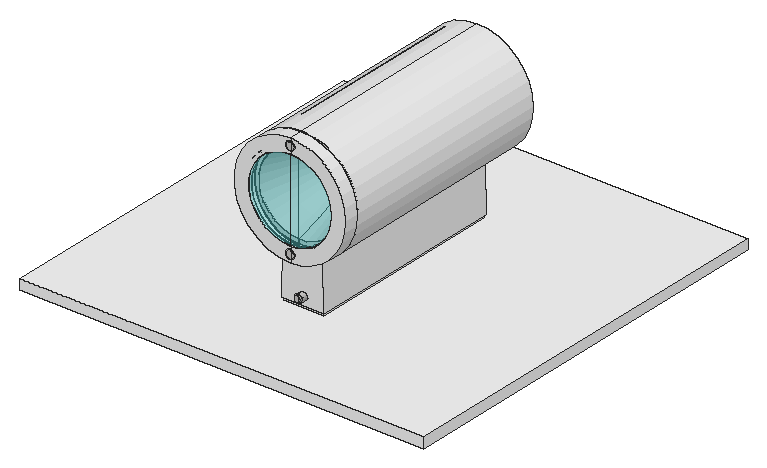
Revit family "BE_24034_de_DE", category Leuchten, Revit 2015
Parameters (values of type "BEGA_24034_Weiß_K4")
  built-in parameter 1150104 = 14.279 (stored number, unit not read)
  Wattage = 12.1 W
  Default Elevation = 0 mm
  built-in parameter 1150113 = 1 (stored number, unit not read)
  built-in parameter 1114218 = 1 (stored number, unit not read)
  Umgebungstemperatur = "25 °C"
  URL = "http://www.bega.de/produkt/24034"
  Typenkommentare = "© 2017 BEGA. Wir behalten uns das Recht vor, technische Änderungen ohne vorherige Ankündigung vorzunehmen."  # constant formula
  Type Image = 24034.png
  built-in parameter 1150134 = 12
  built-in parameter 1150109 = 1 (stored number, unit not read)
  Strom = ""
  built-in parameter 1150110 = 1 (stored number, unit not read)
  Spannung = 239.996 V
  Sonderanfertigung = no
  Seriennummer [instance] = "Hier können Sie die eindeutige Seriennummer für das Facility Management eintragen."
  Schutzklasse = "I"
  Schutzart = "IP 65"
  Scheinlast = 0 VA
  Produktdatenblatt = "http://www.bega.de/download/Xrfa/db/24034.db.de.pdf"
  Oberflächentemperatur = ""
  Neigungswinkel = 0.00°
  Modell = "24034WK4"
  Material_17 = BEGA_Reflektor
  Material_15 = BEGA_Leuchtmedium_matt
  Material_11 = BEGA_Glas_opal
  Material_09 = BEGA_Glas_klar
  Material_06 = BEGA_Oberfläche_Edelstahl_gebürstet
  Material_03 = BEGA_Oberfläche_Weiss_matt
  Material_02 = BEGA_Oberfläche_Silber_matt
  Material_01 [instance] = BEGA_Oberfläche_Grafit_matt
  M_W = yes
  M_G = no
  M_A = no
  Logo = 0
  built-in parameter 1114217 = 1 (stored number, unit not read)
  built-in parameter 1150139 = (empty or 0)
  built-in parameter 1150105 = 148 (stored number, unit not read)
  built-in parameter 1150114 = 1 (stored number, unit not read)
  Lumens = 1859.77 lm
  built-in parameter 1150115 = 1 (stored number, unit not read)
  Leuchtenlichtstrom = "1272 lm"
  Leuchtenanzahl = ""
  Lebensdauerkriterien = "L70B50 @ 25 °C =  h"
  Lastklassifizierung = Beleuchtung
  built-in parameter 1150112 = 1 (stored number, unit not read)
  Lampenlichtstrom = "1860 lm"
  Lampe = "LED 12.1 W"
  LED_Modulbezeichnung = "LED-0813/840"
  Hersteller = "BEGA"  # constant formula
  Halbstreuwinkel = ""
  Gewicht = "1.95 kg"
  Gebrauchslageneinschränkung [instance] = ""
  Frequenz = "0/50-60 Hz"
  Farbwiedergabeindex = "Ra > 80"
  Farbtemperaturverschiebung bei Dämpfen der Lampe = <Keine Auswahl>
  Farbtemperatur = "4000 K"
  Color Filter = 16777215
  built-in parameter 1150133 = 10 (stored number, unit not read)
  Energieeffizienzklasse = "LED A++ - A"
  built-in parameter 1150137 = (empty or 0)
  built-in parameter 1150132 = (empty or 0)
  ENEC = ""
  Dimmbar [instance] = "DALI"
  Datei für fotometrisches Netz = "BE_24034K4_PRE.IES"
  CE_Konformität = "ja"
  Bestellnummer = "24034WK4"
  Beschreibung_Sonderanfertigung = "Hier können Sie Informationen zur Sonderanfertigung eintragen."
  Beschreibung = "Wandleuchte"
  built-in parameter 1150106 = 1.48 (stored number, unit not read)
  Befestigungsbohrung = "Ø 5,3 mm"
  Befestigungsabstand = "160 x 14 mm"
  Ballwurfsicher = ""
  BEGA_Intern_aus = yes
  BEGA_Intern_an = yes
  BEGA_Intern_Konstruktion = yes
  BEGA_Intern = yes
  BEGA_IES = yes
  BEGA_Dummy = no
  Anschlussleitung = ""
  Anschlussleistung [instance] = "14 W"
  Anschlusskasten = ""
  built-in parameter 1150107 = 4000 (stored number, unit not read)
  built-in parameter 1150102 = (empty or 0)
  built-in parameter 1150138 = (empty or 0)
  Aktualisierung = "2017-06-27T04:08:34"
  Abstand_zur_angestrahlten_Fläche [instance] = ""
  AC/DC = "AC/DC"
Types (6, lengths in mm): name | built-in parameter 1150104 | built-in parameter 1150134 | Modell | M_W | M_G | M_A | built-in parameter 1150105 | Lumens | Leuchtenlichtstrom | Lampenlichtstrom | LED_Modulbezeichnung | Farbtemperatur | Datei für fotometrisches Netz | Bestellnummer | built-in parameter 1150106 | built-in parameter 1150107
  BEGA_24034_Grafit_K3 | 13.359 (stored number, unit not read) | (empty or 0) | "24034" | no | yes | no | 138.46 (stored number, unit not read) | 1739.98 lm | "1190 lm" | "1740 lm" | "LED-0813/830" | "3000 K" | "BE_24034_PRE.IES" | "24034" | 1.3846 (stored number, unit not read) | 3000 (stored number, unit not read)
  BEGA_24034_Weiß_K3 | 13.359 (stored number, unit not read) | (empty or 0) | "24034W" | yes | no | no | 138.46 (stored number, unit not read) | 1739.98 lm | "1190 lm" | "1740 lm" | "LED-0813/830" | "3000 K" | "BE_24034_PRE.IES" | "24034W" | 1.3846 (stored number, unit not read) | 3000 (stored number, unit not read)
  BEGA_24034_Grafit_K4 | 14.279 (stored number, unit not read) | 12 | "24034K4" | no | yes | no | 148 (stored number, unit not read) | 1859.77 lm | "1272 lm" | "1860 lm" | "LED-0813/840" | "4000 K" | "BE_24034K4_PRE.IES" | "24034K4" | 1.48 (stored number, unit not read) | 4000 (stored number, unit not read)
  BEGA_24034_Silber_K4 | 14.279 (stored number, unit not read) | 12 | "24034AK4" | no | no | yes | 148 (stored number, unit not read) | 1859.77 lm | "1272 lm" | "1860 lm" | "LED-0813/840" | "4000 K" | "BE_24034K4_PRE.IES" | "24034AK4" | 1.48 (stored number, unit not read) | 4000 (stored number, unit not read)
  BEGA_24034_Weiß_K4 | 14.279 (stored number, unit not read) | 12 | "24034WK4" | yes | no | no | 148 (stored number, unit not read) | 1859.77 lm | "1272 lm" | "1860 lm" | "LED-0813/840" | "4000 K" | "BE_24034K4_PRE.IES" | "24034WK4" | 1.48 (stored number, unit not read) | 4000 (stored number, unit not read)
  BEGA_24034_Silber_K3 | 13.359 (stored number, unit not read) | (empty or 0) | "24034A" | no | no | yes | 138.46 (stored number, unit not read) | 1739.98 lm | "1190 lm" | "1740 lm" | "LED-0813/830" | "3000 K" | "BE_24034_PRE.IES" | "24034A" | 1.3846 (stored number, unit not read) | 3000 (stored number, unit not read)
Reference planes
  plane 1 "Mitte (Vorne/Hinten)": y = 0
  plane 2: z = 0
  plane 3 "Mitte (Links/Rechts)": x = 0
  plane 4 "Links": x = -55.254
  plane 5 "Rechts": x = 55.254
  plane 6 "Unten": y = -115.5
  plane 7 "Oben": y = 115.5
  plane 8 "Vorne": z = 157.75
  plane 9 "Hinten": z = 0
Forms (mm)
  Extrusion 1, solid, material "BEGA_Platte_Weiss"
    sketch origin (0, -1119.2, 0) x (1, 0, 0) y (0, 1, 0)
      loop
        line (-200, 1319.2) -> (-200, 919.2) -> (200, 919.2) -> (200, 1319.2) -> (-200, 1319.2)
    from 0 to -10
  Extrusion 2, solid, material "BEGA_Dummy_matt", visible <- "BEGA_Dummy"
    sketch origin (80.095, -76.023, 0) x (1, 0, 0) y (0, 1, 0)
      loop
        line (-135.35, 191.523) -> (-135.35, -39.477) -> (-24.841, -39.477) -> (-24.841, 191.523) -> (-135.35, 191.523)
    from 0 to 157.75
Dimensions and locks
  plane 1 "Mitte (Vorne/Hinten)" to Extrusion 1 = 200 mm
  aligned and locked: plane 2 to Extrusion 1
  aligned and locked: level to Extrusion 1
Nested families
  nested 1: "BE_24034" at (0, 0, 0) x (0, 1, 0) z (0, 0, 1), type "BE_24034"
Connectors
  electrical at (0, 0, 0), driven by "Lastklassifizierung", driven by "Spannung", driven by "Scheinlast"
    settings: index 1, voltage 239.996 V, apparent load 0 VA, apparent load phase1 0 VA, apparent load phase2 0 VA, apparent load phase3 0 VA, power factor 1, load classification "Beleuchtung", number of poles 1, system type 31, power factor state 1, is connector primary yes, connector utility no, sub classification motor no, connector description ""
Definition of nested family "BE_24034"
  Parameters (values of type "BE_24034")
    Default Elevation = 1 mm
    URL = "http://www.bega.de/de/produkt"
    Type Comments = "© 2015 BEGA. Wir behalten uns das Recht vor, technische Änderungen ohne vorherige Ankündigung vorzunehmen. "  # constant formula
    Type Image = (empty or 0)
    Material_17 = none
    Material_15 = none
    Material_11 = none
    Material_09 = none
    Material_06 = none
    Material_03 = none
    Material_02 = none
    Material_01 = none
    M_W = yes
    M_G = yes
    M_A = yes
    Länge_Platte = 300 mm  # constant formula
    Höhe_Platte = -10 mm  # constant formula
    Manufacturer = "BEGA"  # constant formula
    Breite_Platte = 200 mm  # constant formula
  Reference planes
    plane 1 "Mitte (Oben/Unten)": y = 0
    plane 2: z = 0
    plane 3 "Mitte (Links/Rechts)": x = 0
    plane 4 "Unten": y = -55.254
    plane 5: x = -115.5
    plane 6: x = 115.5
    plane 7: z = 157.75
    plane 8: y = 55.254
  Forms (mm)
    Extrusion 1, solid, detail levels medium
      sketch origin (0, 0, 0) x (1, 0, 0) y (0, 1, 0)
        loop
          line (-150, 100) -> (-150, -100) -> (150, -100) -> (150, 100) -> (-150, 100)
      from 0 to -10 <- "Höhe_Platte"
    Extrusion 2, solid, material <- "Material_01", visible <- "M_G", detail levels medium+fine
      sketch origin (0, 0, 0) x (0, 1, 0) y (0, 0, 1)
        loop
          line (-20, 48.5) -> (-20.803, 2.5) -> (-13.08, 2.5) -> (-13.221, 47.282)
          arc (-13.221, 47.282) -> (-15.2, 48.652) -> (-17.039, 50.206) r 25
          arc (-17.039, 50.206) -> (-17.509, 50.362) -> (-17.979, 50.521) r 55
          line (-17.979, 50.521) -> (-20, 48.5)
        loop
          line (20, 48.5) -> (17.979, 50.521)
          arc (17.979, 50.521) -> (17.509, 50.362) -> (17.039, 50.206) r 55
          arc (17.039, 50.206) -> (15.2, 48.652) -> (13.221, 47.282) r 25
          line (13.221, 47.282) -> (13.08, 2.5) -> (20.803, 2.5) -> (20, 48.5)
      from -100.001 to 100.024
    Extrusion 3, solid, material <- "Material_01", visible <- "M_G", detail levels medium+fine
      sketch origin (0, 0, 0) x (0, 1, 0) y (0, 0, 1)
        loop
          line (20.803, 2.5) -> (20, 48.5) -> (17.979, 50.521)
          arc (17.979, 50.521) -> (17.509, 50.362) -> (17.039, 50.206) r 55
          arc (17.039, 50.206) -> (9.34, 45.31) -> (0.397, 43.503) r 25
          arc (0.397, 43.503) -> (-8.971, 45.165) -> (-17.039, 50.206) r 25
          arc (-17.039, 50.206) -> (-17.509, 50.362) -> (-17.979, 50.521) r 55
          line (-17.979, 50.521) -> (-20, 48.5) -> (-20.803, 2.5) -> (20.803, 2.5)
      from 93.25 to 100.024
    Extrusion 4, solid, material <- "Material_01", visible <- "M_G", detail levels medium+fine
      sketch origin (0, 0, 0) x (0, 1, 0) y (0, 0, -1)
        loop
          line (20.803, -2.5) -> (-20.803, -2.5) -> (-20, -48.5) -> (-17.979, -50.521)
          arc (-17.979, -50.521) -> (-17.509, -50.362) -> (-17.039, -50.206) r 55
          arc (-17.039, -50.206) -> (-8.971, -45.165) -> (0.397, -43.503) r 25
          arc (0.397, -43.503) -> (9.34, -45.31) -> (17.039, -50.206) r 25
          arc (17.039, -50.206) -> (17.509, -50.362) -> (17.979, -50.521) r 55
          line (17.979, -50.521) -> (20, -48.5) -> (20.803, -2.5)
      from 93.25 to 100.001
    Sweep 5, solid, material <- "Material_01", visible <- "M_G", detail levels medium+fine
      path origin (0, 0, 0) x (1, 0, 0) y (0, 1, 0)
        loop
          line (100.024, -20.803) -> (100.024, 20.803) -> (-100.001, 20.803) -> (-100.001, -20.803) -> (100.024, -20.803)
      profile origin (100.024, 0, 0) x (-1, 0, 0) y (0, 0, 1)
        loop
          line (1.112, 2.5) -> (1.024, 0) -> (7.769, 0)
          arc (7.769, 0) -> (8.117, 5.75) -> (8.45, 11.5) r 2295.912
          line (8.45, 11.5) -> (12.295, 11.5) -> (12.295, 13.5) -> (6.407, 13.5) -> (6.022, 2.5) -> (1.112, 2.5)
    Extrusion 6, solid, material <- "Material_01", visible <- "M_G", detail levels medium+fine
      sketch origin (0, 0, 0) x (1, 0, 0) y (0, 1, 0)
        loop
          line (-87.706, 8.508) -> (-87.706, -8.508) -> (87.729, -8.508) -> (87.729, 8.508) -> (-87.706, 8.508)
      from 11.5 to 13.5
    Revolve 7, solid, material <- "Material_01", visible <- "M_G", detail levels medium+fine
      sketch origin (0, 0, 0) x (1, 0, 0) y (0, 0, 1)
        loop
          line (115.5, 157.5) -> (-101, 157.5) -> (-101, 155.25) -> (-104.543, 155.25) -> (-104.543, 142.724) -> (-101, 142.724) -> (-101, 145.035) -> (-92, 145.035) -> (-82.035, 155) -> (113.5, 155) -> (113.5, 102.5) -> (115.5, 102.5) -> (115.5, 157.5)
        axis (-104.543, 102.5) -> (115.5, 102.5)
      angle from 0 to 360
    Revolve 8, solid, material <- "Material_01", visible <- "M_G", detail levels medium+fine
      sketch origin (0, 0, 0) x (1, 0, 0) y (0, 0, 1)
        loop
          line (-102.5, 157.75) -> (-115.5, 157.75) -> (-115.5, 143.5) -> (-112.937, 143.5) -> (-112.937, 147.501) -> (-104.543, 147.501) -> (-104.543, 155.75) -> (-102.5, 155.75) -> (-102.5, 157.75)
        axis (-102.5, 102.5) -> (-115.5, 102.5)
      angle from 0 to 360
    Revolve 9, solid, material <- "Material_09", detail levels medium+fine
      sketch origin (0, 0, 0) x (1, 0, 0) y (0, 0, 1)
        loop
          line (-105.5, 145.75) -> (-111.25, 145.75) -> (-111.25, 144.2)
          arc (-111.25, 144.2) -> (-111.543, 143.493) -> (-112.25, 143.2) r 1
          line (-112.25, 143.2) -> (-115.5, 143.2) -> (-115.5, 102.5) -> (-105.5, 102.5) -> (-105.5, 145.75)
        axis (-115.5, 102.5) -> (-105.5, 102.5)
      angle from 0 to 360
    Revolve 10, solid, material <- "Material_17", detail levels medium+fine
      sketch origin (0, 0, 0) x (1, 0, 0) y (0, 0, 1)
        loop
          arc (-105.25, 141.49) -> (-79.924, 133.541) -> (-55.596, 122.92) r 246.943
          arc (-55.596, 122.92) -> (-50.393, 119.996) -> (-45.484, 116.601) r 64.148
          line (-45.484, 116.601) -> (-44.906, 110) -> (-44.022, 110) -> (-44.623, 116.869)
          arc (-44.623, 116.869) -> (-49.595, 120.322) -> (-54.871, 123.292) r 64.148
          arc (-54.871, 123.292) -> (-79.017, 133.845) -> (-104.149, 141.765) r 246.943
          line (-104.149, 141.765) -> (-104.149, 145.25) -> (-105.25, 145.25) -> (-105.25, 141.49)
        axis (-44.022, 102.5) -> (-105.25, 102.5)
      angle from 0 to 360
    Revolve 11, solid, material <- "Material_15", detail levels medium+fine
      sketch origin (0, 0, 0) x (1, 0, 0) y (0, 0, 1)
        loop
          line (-41.65, 109.6) -> (-41.65, 102.5) -> (-40.358, 102.5) -> (-40.358, 109.6) -> (-41.65, 109.6)
        axis (-41.65, 102.5) -> (-40.358, 102.5)
      angle from 0 to 360
    Revolve 12, solid, material <- "Material_06", detail levels fine
      sketch origin (0, 0, 0) x (1, 0, 0) y (0, 0, 1)
        loop
          line (-98.664, 14.95) -> (-105.231, 14.95) -> (-105.231, 14) -> (-106.731, 14) -> (-106.731, 11) -> (-98.664, 11) -> (-98.664, 14.95)
        axis (-106.731, 11) -> (-98.664, 11)
      angle from 0 to 360
    Sweep 13, solid, material <- "Material_02", visible <- "M_A", detail levels medium+fine
      path origin (0, 0, 0) x (1, 0, 0) y (0, 1, 0)
        loop
          line (100.024, -20.803) -> (100.024, 20.803) -> (-100.001, 20.803) -> (-100.001, -20.803) -> (100.024, -20.803)
      profile origin (100.024, 0, 0) x (-1, 0, 0) y (0, 0, 1)
        loop
          line (1.112, 2.5) -> (1.024, 0) -> (7.769, 0)
          arc (7.769, 0) -> (8.117, 5.75) -> (8.45, 11.5) r 2295.912
          line (8.45, 11.5) -> (12.295, 11.5) -> (12.295, 13.5) -> (6.407, 13.5) -> (6.022, 2.5) -> (1.112, 2.5)
    Extrusion 14, solid, material <- "Material_02", visible <- "M_A", detail levels medium+fine
      sketch origin (0, 0, 0) x (1, 0, 0) y (0, 1, 0)
        loop
          line (-87.706, 8.508) -> (-87.706, -8.508) -> (87.729, -8.508) -> (87.729, 8.508) -> (-87.706, 8.508)
      from 11.5 to 13.5
    Sweep 15, solid, material <- "Material_03", visible <- "M_W", detail levels medium+fine
      path origin (0, 0, 0) x (1, 0, 0) y (0, 1, 0)
        loop
          line (100.024, -20.803) -> (100.024, 20.803) -> (-100.001, 20.803) -> (-100.001, -20.803) -> (100.024, -20.803)
      profile origin (100.024, 0, 0) x (-1, 0, 0) y (0, 0, 1)
        loop
          line (1.112, 2.5) -> (1.024, 0) -> (7.769, 0)
          arc (7.769, 0) -> (8.117, 5.75) -> (8.45, 11.5) r 2295.912
          line (8.45, 11.5) -> (12.295, 11.5) -> (12.295, 13.5) -> (6.407, 13.5) -> (6.022, 2.5) -> (1.112, 2.5)
    Extrusion 16, solid, material <- "Material_03", visible <- "M_W", detail levels medium+fine
      sketch origin (0, 0, 0) x (1, 0, 0) y (0, 1, 0)
        loop
          line (-87.706, 8.508) -> (-87.706, -8.508) -> (87.729, -8.508) -> (87.729, 8.508) -> (-87.706, 8.508)
      from 11.5 to 13.5
    Extrusion 17, solid, material <- "Material_02", visible <- "M_A", detail levels medium+fine
      sketch origin (0, 0, 0) x (0, 1, 0) y (0, 0, 1)
        loop
          line (-20, 48.5) -> (-20.803, 2.5) -> (-13.08, 2.5) -> (-13.221, 47.282)
          arc (-13.221, 47.282) -> (-15.2, 48.652) -> (-17.039, 50.206) r 25
          arc (-17.039, 50.206) -> (-17.509, 50.362) -> (-17.979, 50.521) r 55
          line (-17.979, 50.521) -> (-20, 48.5)
        loop
          line (20, 48.5) -> (17.979, 50.521)
          arc (17.979, 50.521) -> (17.509, 50.362) -> (17.039, 50.206) r 55
          arc (17.039, 50.206) -> (15.2, 48.652) -> (13.221, 47.282) r 25
          line (13.221, 47.282) -> (13.08, 2.5) -> (20.803, 2.5) -> (20, 48.5)
      from -100.001 to 100.024
    Extrusion 18, solid, material <- "Material_02", visible <- "M_A", detail levels medium+fine
      sketch origin (0, 0, 0) x (0, 1, 0) y (0, 0, 1)
        loop
          line (20.803, 2.5) -> (20, 48.5) -> (17.979, 50.521)
          arc (17.979, 50.521) -> (17.509, 50.362) -> (17.039, 50.206) r 55
          arc (17.039, 50.206) -> (9.34, 45.31) -> (0.397, 43.503) r 25
          arc (0.397, 43.503) -> (-8.971, 45.165) -> (-17.039, 50.206) r 25
          arc (-17.039, 50.206) -> (-17.509, 50.362) -> (-17.979, 50.521) r 55
          line (-17.979, 50.521) -> (-20, 48.5) -> (-20.803, 2.5) -> (20.803, 2.5)
      from 93.25 to 100.024
    Extrusion 19, solid, material <- "Material_02", visible <- "M_A", detail levels medium+fine
      sketch origin (0, 0, 0) x (0, 1, 0) y (0, 0, -1)
        loop
          line (20.803, -2.5) -> (-20.803, -2.5) -> (-20, -48.5) -> (-17.979, -50.521)
          arc (-17.979, -50.521) -> (-17.509, -50.362) -> (-17.039, -50.206) r 55
          arc (-17.039, -50.206) -> (-8.971, -45.165) -> (0.397, -43.503) r 25
          arc (0.397, -43.503) -> (9.34, -45.31) -> (17.039, -50.206) r 25
          arc (17.039, -50.206) -> (17.509, -50.362) -> (17.979, -50.521) r 55
          line (17.979, -50.521) -> (20, -48.5) -> (20.803, -2.5)
      from 93.25 to 100.001
    Extrusion 20, solid, material <- "Material_03", visible <- "M_W", detail levels medium+fine
      sketch origin (0, 0, 0) x (0, 1, 0) y (0, 0, 1)
        loop
          line (-20, 48.5) -> (-20.803, 2.5) -> (-13.08, 2.5) -> (-13.221, 47.282)
          arc (-13.221, 47.282) -> (-15.2, 48.652) -> (-17.039, 50.206) r 25
          arc (-17.039, 50.206) -> (-17.509, 50.362) -> (-17.979, 50.521) r 55
          line (-17.979, 50.521) -> (-20, 48.5)
        loop
          line (20, 48.5) -> (17.979, 50.521)
          arc (17.979, 50.521) -> (17.509, 50.362) -> (17.039, 50.206) r 55
          arc (17.039, 50.206) -> (15.2, 48.652) -> (13.221, 47.282) r 25
          line (13.221, 47.282) -> (13.08, 2.5) -> (20.803, 2.5) -> (20, 48.5)
      from -100.001 to 100.024
    Extrusion 21, solid, material <- "Material_03", visible <- "M_W", detail levels medium+fine
      sketch origin (0, 0, 0) x (0, 1, 0) y (0, 0, 1)
        loop
          line (20.803, 2.5) -> (20, 48.5) -> (17.979, 50.521)
          arc (17.979, 50.521) -> (17.509, 50.362) -> (17.039, 50.206) r 55
          arc (17.039, 50.206) -> (9.34, 45.31) -> (0.397, 43.503) r 25
          arc (0.397, 43.503) -> (-8.971, 45.165) -> (-17.039, 50.206) r 25
          arc (-17.039, 50.206) -> (-17.509, 50.362) -> (-17.979, 50.521) r 55
          line (-17.979, 50.521) -> (-20, 48.5) -> (-20.803, 2.5) -> (20.803, 2.5)
      from 93.25 to 100.024
    Extrusion 22, solid, material <- "Material_03", visible <- "M_W", detail levels medium+fine
      sketch origin (0, 0, 0) x (0, 1, 0) y (0, 0, -1)
        loop
          line (20.803, -2.5) -> (-20.803, -2.5) -> (-20, -48.5) -> (-17.979, -50.521)
          arc (-17.979, -50.521) -> (-17.509, -50.362) -> (-17.039, -50.206) r 55
          arc (-17.039, -50.206) -> (-8.971, -45.165) -> (0.397, -43.503) r 25
          arc (0.397, -43.503) -> (9.34, -45.31) -> (17.039, -50.206) r 25
          arc (17.039, -50.206) -> (17.509, -50.362) -> (17.979, -50.521) r 55
          line (17.979, -50.521) -> (20, -48.5) -> (20.803, -2.5)
      from 93.25 to 100.001
    Revolve 23, solid, material <- "Material_02", visible <- "M_A", detail levels medium+fine
      sketch origin (0, 0, 0) x (1, 0, 0) y (0, 0, 1)
        loop
          line (115.5, 157.5) -> (-101, 157.5) -> (-101, 155.25) -> (-104.543, 155.25) -> (-104.543, 142.724) -> (-101, 142.724) -> (-101, 145.035) -> (-92, 145.035) -> (-82.035, 155) -> (113.5, 155) -> (113.5, 102.5) -> (115.5, 102.5) -> (115.5, 157.5)
        axis (-104.543, 102.5) -> (115.5, 102.5)
      angle from 0 to 360
    Revolve 24, solid, material <- "Material_02", visible <- "M_A", detail levels medium+fine
      sketch origin (0, 0, 0) x (1, 0, 0) y (0, 0, 1)
        loop
          line (-102.5, 157.75) -> (-115.5, 157.75) -> (-115.5, 143.5) -> (-112.937, 143.5) -> (-112.937, 147.501) -> (-104.543, 147.501) -> (-104.543, 155.75) -> (-102.5, 155.75) -> (-102.5, 157.75)
        axis (-102.5, 102.5) -> (-115.5, 102.5)
      angle from 0 to 360
    Revolve 25, solid, material <- "Material_03", visible <- "M_W", detail levels medium+fine
      sketch origin (0, 0, 0) x (1, 0, 0) y (0, 0, 1)
        loop
          line (115.5, 157.5) -> (-101, 157.5) -> (-101, 155.25) -> (-104.543, 155.25) -> (-104.543, 142.724) -> (-101, 142.724) -> (-101, 145.035) -> (-92, 145.035) -> (-82.035, 155) -> (113.5, 155) -> (113.5, 102.5) -> (115.5, 102.5) -> (115.5, 157.5)
        axis (-104.543, 102.5) -> (115.5, 102.5)
      angle from 0 to 360
    Revolve 26, solid, material <- "Material_03", visible <- "M_W", detail levels medium+fine
      sketch origin (0, 0, 0) x (1, 0, 0) y (0, 0, 1)
        loop
          line (-102.5, 157.75) -> (-115.5, 157.75) -> (-115.5, 143.5) -> (-112.937, 143.5) -> (-112.937, 147.501) -> (-104.543, 147.501) -> (-104.543, 155.75) -> (-102.5, 155.75) -> (-102.5, 157.75)
        axis (-102.5, 102.5) -> (-115.5, 102.5)
      angle from 0 to 360
    Revolve 27, void
      sketch origin (0, 0, 0) x (1, 0, 0) y (0, 0, 1)
        loop
          line (-113.129, 152.704) -> (-115.728, 155.303) -> (-115.728, 150.5) -> (-113.129, 150.5) -> (-113.129, 152.704)
        axis (-115.728, 150.5) -> (-113.129, 150.5)
      angle from 0 to 360
    Revolve 28, void
      sketch origin (0, 0, 205) x (1, 0, 0) y (0, 0, -1)
        loop
          line (-113.129, 152.704) -> (-115.728, 155.303) -> (-115.728, 150.5) -> (-113.129, 150.5) -> (-113.129, 152.704)
        axis (-115.728, 150.5) -> (-113.129, 150.5)
      angle from 0 to 360
    Revolve 29, solid, material <- "Material_06", detail levels fine
      sketch origin (0, 0, 0) x (1, 0, 0) y (0, 0, 1)
        loop
          line (-115.5, 154.505) -> (-115.5, 150.5) -> (-114.643, 150.5) -> (-114.643, 154.505) -> (-115.5, 154.505)
        axis (-115.5, 150.5) -> (-114.5, 150.5)
      angle from 0 to 360
    Revolve 30, solid, material <- "Material_06", detail levels fine
      sketch origin (0, 0, 205) x (1, 0, 0) y (0, 0, -1)
        loop
          line (-115.5, 154.505) -> (-115.5, 150.5) -> (-114.643, 150.5) -> (-114.643, 154.505) -> (-115.5, 154.505)
        axis (-115.5, 150.5) -> (-114.5, 150.5)
      angle from 0 to 360
    Extrusion 31, void
      sketch origin (0, 0, 0) x (1, 0, 0) y (0, 1, 0)
        loop
          circle (-80, 7) r 2.65
        loop
          circle (80, -7) r 2.65
        loop
          circle (24, 0) r 8.5
        loop
          circle (57, 0) r 8.5
      from 0 to 17
  Cuts and joins
    joined: Extrusion 2, Extrusion 3, Extrusion 4
    Extrusion 31 cuts Sweep 5
    Extrusion 31 cuts Extrusion 6
    joined: Sweep 5, Extrusion 6
    Extrusion 31 cuts Sweep 13
    Extrusion 31 cuts Extrusion 14
    joined: Sweep 13, Extrusion 14
    Extrusion 31 cuts Sweep 15
    Extrusion 31 cuts Extrusion 16
    joined: Sweep 15, Extrusion 16
    joined: Extrusion 17, Extrusion 18, Extrusion 19
    joined: Extrusion 20, Extrusion 21, Extrusion 22
    Revolve 27, Revolve 28 cuts Revolve 8
    Revolve 27, Revolve 28 cuts Revolve 24
    Revolve 27, Revolve 28 cuts Revolve 26
    Extrusion 31 cuts Revolve 7
    Extrusion 31 cuts Revolve 10
    Extrusion 31 cuts Revolve 23
    Extrusion 31 cuts Revolve 25
  Dimensions and locks
    equal spacing: Extrusion 1 sketch curve, plane 3 "Mitte (Links/Rechts)", Extrusion 1 sketch curve
    equal spacing: Extrusion 1 sketch curve, plane 1 "Mitte (Oben/Unten)", Extrusion 1 sketch curve
    "Länge_Platte": Extrusion 1 sketch curve to Extrusion 1 sketch curve
    "Breite_Platte": Extrusion 1 sketch curve to Extrusion 1 sketch curve
    aligned and locked: Extrusion 1 to plane 2
    aligned and locked: level to Extrusion 1
  Automatic sketch dimensions
    Extrusion 2 sketch curve to Extrusion 2 sketch curve = 0 mm  (x5)
    Extrusion 2 sketch curve to plane 1 "Mitte (Oben/Unten)" = 0 mm  (x2)
    level to Extrusion 2 sketch curve = 2.5 mm  (x2)
    plane 1 "Mitte (Oben/Unten)" to Extrusion 2 sketch curve = 13.08 mm
    plane 1 "Mitte (Oben/Unten)" to Extrusion 2 sketch curve = 13.221 mm
    Extrusion 2 sketch curve to Extrusion 2 sketch curve = 4.758 mm  (x2)
    Extrusion 2 sketch curve to Extrusion 2 sketch curve = 2.021 mm  (x4)
    Extrusion 2 sketch curve to Extrusion 2 sketch curve = 7.723 mm  (x2)
    Extrusion 2 sketch curve to plane 1 "Mitte (Oben/Unten)" = 13.08 mm
    Extrusion 2 sketch curve to plane 1 "Mitte (Oben/Unten)" = 13.221 mm
    Extrusion 2 sketch curve to Extrusion 2 sketch curve = 44.782 mm
    Extrusion 2 sketch curve to Extrusion 2 sketch curve = 1.218 mm  (x2)
    Extrusion 2 sketch curve to Extrusion 2 sketch curve = 21.218 mm
    Extrusion 2 sketch curve to Extrusion 2 sketch curve = 34 mm
    Extrusion 3 sketch curve to Extrusion 3 sketch curve = 0 mm  (x5)
    Extrusion 3 sketch curve to plane 1 "Mitte (Oben/Unten)" = 0 mm  (x2)
    plane 1 "Mitte (Oben/Unten)" to Extrusion 3 sketch curve = 17.979 mm
    Extrusion 3 sketch curve to Extrusion 3 sketch curve = 2.021 mm  (x4)
    level to Extrusion 3 sketch curve = 2.5 mm
    plane 1 "Mitte (Oben/Unten)" to Extrusion 3 sketch curve = 20.803 mm
    Extrusion 3 sketch curve to plane 1 "Mitte (Oben/Unten)" = 17.979 mm
    Extrusion 3 sketch curve to plane 1 "Mitte (Oben/Unten)" = 20.803 mm
    Extrusion 3 sketch curve to Extrusion 3 sketch curve = 46 mm
    Extrusion 3 sketch curve to Extrusion 3 sketch curve = 17.979 mm
    Extrusion 3 sketch curve to Extrusion 3 sketch curve = 34 mm
    Extrusion 3 sketch curve to Extrusion 3 sketch curve = 0.94 mm
    Extrusion 3 sketch curve to plane 1 "Mitte (Oben/Unten)" = 0.397 mm
    Extrusion 4 sketch curve to Extrusion 4 sketch curve = 0 mm  (x5)
    Extrusion 4 sketch curve to plane 1 "Mitte (Oben/Unten)" = 0 mm  (x2)
    plane 1 "Mitte (Oben/Unten)" to Extrusion 4 sketch curve = 17.979 mm
    Extrusion 4 sketch curve to Extrusion 4 sketch curve = 2.021 mm  (x4)
    level to Extrusion 4 sketch curve = 2.5 mm
    plane 1 "Mitte (Oben/Unten)" to Extrusion 4 sketch curve = 20.803 mm
    Extrusion 4 sketch curve to plane 1 "Mitte (Oben/Unten)" = 17.979 mm
    Extrusion 4 sketch curve to plane 1 "Mitte (Oben/Unten)" = 20.803 mm
    Extrusion 4 sketch curve to Extrusion 4 sketch curve = 46 mm
    Extrusion 4 sketch curve to Extrusion 4 sketch curve = 17.979 mm
    Extrusion 4 sketch curve to Extrusion 4 sketch curve = 34 mm
    Extrusion 4 sketch curve to Extrusion 4 sketch curve = 0.94 mm
    Extrusion 4 sketch curve to plane 1 "Mitte (Oben/Unten)" = 0.397 mm
    Sweep 5 sketch curve to plane 1 "Mitte (Oben/Unten)" = 20.803 mm
    plane 1 "Mitte (Oben/Unten)" to Sweep 5 sketch curve = 20.803 mm
    Sweep 5 sketch curve to level = 0 mm
    level to Sweep 5 sketch curve = 141.39 mm
    profile plane to Sweep 5 sketch curve = 2283.785 mm
    Sweep 5 sketch curve to profile plane = 1.024 mm
    Sweep 5 sketch curve to profile plane = 1.112 mm
    level to Sweep 5 sketch curve = 2.5 mm
    Sweep 5 sketch curve to Sweep 5 sketch curve = 4.911 mm
    Sweep 5 sketch curve to profile plane = 6.407 mm
    Sweep 5 sketch curve to Sweep 5 sketch curve = 1.747 mm
    Sweep 5 sketch curve to Sweep 5 sketch curve = 2.043 mm
    Sweep 5 sketch curve to Sweep 5 sketch curve = 3.845 mm
    Sweep 5 sketch curve to Sweep 5 sketch curve = 2 mm
    plane 1 "Mitte (Oben/Unten)" to Extrusion 6 sketch curve = 8.508 mm
    Extrusion 6 sketch curve to plane 3 "Mitte (Links/Rechts)" = 87.706 mm
    plane 3 "Mitte (Links/Rechts)" to Extrusion 6 sketch curve = 87.729 mm
    Extrusion 6 sketch curve to plane 1 "Mitte (Oben/Unten)" = 8.508 mm
    Revolve 7 sketch curve to plane 3 "Mitte (Links/Rechts)" = 0 mm
    Revolve 7 sketch curve to plane 3 "Mitte (Links/Rechts)" = 82.035 mm
    Revolve 7 sketch curve to Revolve 7 sketch curve = 9.965 mm  (x2)
    Revolve 7 sketch curve to Revolve 7 sketch curve = 9 mm  (x2)
    Revolve 7 sketch curve to Revolve 7 sketch curve = 3.543 mm
    Revolve 7 sketch curve to Revolve 7 sketch curve = 2 mm
    Revolve 7 sketch curve to Revolve 7 sketch curve = 2.311 mm
    Revolve 7 sketch curve to Revolve 7 sketch curve = 10.215 mm
    Revolve 7 sketch curve to Revolve 7 sketch curve = 2.5 mm
    plane 3 "Mitte (Links/Rechts)" to Revolve 7 sketch curve = 30 mm
    Revolve 7 sketch curve to Revolve 7 sketch curve = 52.5 mm
    Revolve 8 sketch curve to Revolve 8 sketch curve = 2.563 mm
    Revolve 8 sketch curve to Revolve 8 sketch curve = 10.957 mm
    Revolve 8 sketch curve to Revolve 8 sketch curve = 2.043 mm
    Revolve 8 sketch curve to Revolve 8 sketch curve = 4.001 mm
    Revolve 8 sketch curve to Revolve 8 sketch curve = 8.249 mm
    Revolve 8 sketch curve to Revolve 8 sketch curve = 10.249 mm
    Revolve 8 sketch curve to Revolve 8 sketch curve = 1.576 mm
    Revolve 8 sketch curve to Revolve 8 sketch curve = 22.907 mm
    Revolve 8 sketch curve to Revolve 8 sketch curve = 41 mm
    Revolve 9 sketch curve to Revolve 9 sketch curve = 3.25 mm
    Revolve 9 sketch curve to Revolve 9 sketch curve = 1 mm
    Revolve 9 sketch curve to Revolve 9 sketch curve = 10 mm
    Revolve 9 sketch curve to Revolve 9 sketch curve = 40.7 mm
    Revolve 9 sketch curve to Revolve 9 sketch curve = 1.55 mm
    Revolve 9 sketch curve to Revolve 9 sketch curve = 0 mm  (x3)
    Revolve 10 sketch curve to Revolve 10 sketch curve = 0.725 mm  (x2)
    Revolve 10 sketch curve to Revolve 10 sketch curve = 1.101 mm
    Revolve 10 sketch curve to Revolve 10 sketch curve = 19.763 mm
    Revolve 10 sketch curve to plane 3 "Mitte (Links/Rechts)" = 45.484 mm
    Revolve 10 sketch curve to Revolve 10 sketch curve = 0.577 mm
    Revolve 10 sketch curve to Revolve 10 sketch curve = 0.861 mm
    Revolve 10 sketch curve to Revolve 10 sketch curve = 0.884 mm
    Revolve 10 sketch curve to Revolve 10 sketch curve = 0.371 mm  (x2)
    level to Revolve 10 sketch curve = 65.596 mm
    Revolve 10 sketch curve to Revolve 10 sketch curve = 44.033 mm
    Revolve 10 sketch curve to Revolve 10 sketch curve = 6.601 mm
    Revolve 10 sketch curve to Revolve 10 sketch curve = 0.268 mm
    Revolve 10 sketch curve to Revolve 10 sketch curve = 18.57 mm
    Revolve 10 sketch curve to Revolve 10 sketch curve = 0.275 mm
    Revolve 10 sketch curve to Revolve 10 sketch curve = 3.485 mm
    Revolve 10 sketch curve to Revolve 10 sketch curve = 13.637 mm
    Revolve 10 sketch curve to Revolve 10 sketch curve = 1.812 mm
    Revolve 10 sketch curve to Revolve 10 sketch curve = 38.99 mm
    Revolve 11 sketch curve to plane 3 "Mitte (Links/Rechts)" = 41.65 mm
    Revolve 11 sketch curve to Revolve 11 sketch curve = 1.292 mm
    Revolve 11 sketch curve to Revolve 11 sketch curve = 7.1 mm
    Revolve 11 sketch curve to Revolve 11 sketch curve = 0 mm  (x2)
    Revolve 11 sketch curve to Revolve 11 sketch curve = 0.882 mm
    level to Revolve 12 sketch curve = 14 mm
    Revolve 12 sketch curve to Revolve 12 sketch curve = 1.5 mm
    Revolve 12 sketch curve to Revolve 12 sketch curve = 6.567 mm
    Revolve 12 sketch curve to Revolve 12 sketch curve = 3 mm
    Revolve 12 sketch curve to Revolve 12 sketch curve = 0.95 mm
    Revolve 12 sketch curve to Revolve 12 sketch curve = 0 mm  (x3)
    Sweep 13 sketch curve to plane 1 "Mitte (Oben/Unten)" = 20.803 mm
    plane 1 "Mitte (Oben/Unten)" to Sweep 13 sketch curve = 20.803 mm
    Sweep 13 sketch curve to level = 0 mm
    level to Sweep 13 sketch curve = 141.39 mm
    profile plane to Sweep 13 sketch curve = 2283.785 mm
    Sweep 13 sketch curve to profile plane = 1.024 mm
    Sweep 13 sketch curve to profile plane = 1.112 mm
    level to Sweep 13 sketch curve = 2.5 mm
    Sweep 13 sketch curve to Sweep 13 sketch curve = 4.911 mm
    Sweep 13 sketch curve to profile plane = 6.407 mm
    Sweep 13 sketch curve to Sweep 13 sketch curve = 1.747 mm
    Sweep 13 sketch curve to Sweep 13 sketch curve = 2.043 mm
    Sweep 13 sketch curve to Sweep 13 sketch curve = 3.845 mm
    Sweep 13 sketch curve to Sweep 13 sketch curve = 2 mm
    plane 1 "Mitte (Oben/Unten)" to Extrusion 14 sketch curve = 8.508 mm
    Extrusion 14 sketch curve to plane 3 "Mitte (Links/Rechts)" = 87.706 mm
    plane 3 "Mitte (Links/Rechts)" to Extrusion 14 sketch curve = 87.729 mm
    Extrusion 14 sketch curve to plane 1 "Mitte (Oben/Unten)" = 8.508 mm
    Sweep 15 sketch curve to plane 1 "Mitte (Oben/Unten)" = 20.803 mm
    plane 1 "Mitte (Oben/Unten)" to Sweep 15 sketch curve = 20.803 mm
    Sweep 15 sketch curve to level = 0 mm
    level to Sweep 15 sketch curve = 141.39 mm
    profile plane to Sweep 15 sketch curve = 2283.785 mm
    Sweep 15 sketch curve to profile plane = 1.024 mm
    Sweep 15 sketch curve to profile plane = 1.112 mm
    level to Sweep 15 sketch curve = 2.5 mm
    Sweep 15 sketch curve to Sweep 15 sketch curve = 4.911 mm
    Sweep 15 sketch curve to profile plane = 6.407 mm
    Sweep 15 sketch curve to Sweep 15 sketch curve = 1.747 mm
    Sweep 15 sketch curve to Sweep 15 sketch curve = 2.043 mm
    Sweep 15 sketch curve to Sweep 15 sketch curve = 3.845 mm
    Sweep 15 sketch curve to Sweep 15 sketch curve = 2 mm
    plane 1 "Mitte (Oben/Unten)" to Extrusion 16 sketch curve = 8.508 mm
    Extrusion 16 sketch curve to plane 3 "Mitte (Links/Rechts)" = 87.706 mm
    plane 3 "Mitte (Links/Rechts)" to Extrusion 16 sketch curve = 87.729 mm
    Extrusion 16 sketch curve to plane 1 "Mitte (Oben/Unten)" = 8.508 mm
    Extrusion 17 sketch curve to Extrusion 17 sketch curve = 0 mm  (x5)
    Extrusion 17 sketch curve to plane 1 "Mitte (Oben/Unten)" = 0 mm  (x2)
    level to Extrusion 17 sketch curve = 2.5 mm  (x2)
    plane 1 "Mitte (Oben/Unten)" to Extrusion 17 sketch curve = 13.08 mm
    plane 1 "Mitte (Oben/Unten)" to Extrusion 17 sketch curve = 13.221 mm
    Extrusion 17 sketch curve to Extrusion 17 sketch curve = 4.758 mm  (x2)
    Extrusion 17 sketch curve to Extrusion 17 sketch curve = 2.021 mm  (x4)
    Extrusion 17 sketch curve to Extrusion 17 sketch curve = 7.723 mm  (x2)
    Extrusion 17 sketch curve to plane 1 "Mitte (Oben/Unten)" = 13.08 mm
    Extrusion 17 sketch curve to plane 1 "Mitte (Oben/Unten)" = 13.221 mm
    Extrusion 17 sketch curve to Extrusion 17 sketch curve = 44.782 mm
    Extrusion 17 sketch curve to Extrusion 17 sketch curve = 1.218 mm  (x2)
    Extrusion 17 sketch curve to Extrusion 17 sketch curve = 21.218 mm
    Extrusion 17 sketch curve to Extrusion 17 sketch curve = 34 mm
    Extrusion 18 sketch curve to Extrusion 18 sketch curve = 0 mm  (x5)
    Extrusion 18 sketch curve to plane 1 "Mitte (Oben/Unten)" = 0 mm  (x2)
    plane 1 "Mitte (Oben/Unten)" to Extrusion 18 sketch curve = 17.979 mm
    Extrusion 18 sketch curve to Extrusion 18 sketch curve = 2.021 mm  (x4)
    level to Extrusion 18 sketch curve = 2.5 mm
    plane 1 "Mitte (Oben/Unten)" to Extrusion 18 sketch curve = 20.803 mm
    Extrusion 18 sketch curve to plane 1 "Mitte (Oben/Unten)" = 17.979 mm
    Extrusion 18 sketch curve to plane 1 "Mitte (Oben/Unten)" = 20.803 mm
    Extrusion 18 sketch curve to Extrusion 18 sketch curve = 46 mm
    Extrusion 18 sketch curve to Extrusion 18 sketch curve = 17.979 mm
    Extrusion 18 sketch curve to Extrusion 18 sketch curve = 34 mm
    Extrusion 18 sketch curve to Extrusion 18 sketch curve = 0.94 mm
    Extrusion 18 sketch curve to plane 1 "Mitte (Oben/Unten)" = 0.397 mm
    Extrusion 19 sketch curve to Extrusion 19 sketch curve = 0 mm  (x5)
    Extrusion 19 sketch curve to plane 1 "Mitte (Oben/Unten)" = 0 mm  (x2)
    plane 1 "Mitte (Oben/Unten)" to Extrusion 19 sketch curve = 17.979 mm
    Extrusion 19 sketch curve to Extrusion 19 sketch curve = 2.021 mm  (x4)
    level to Extrusion 19 sketch curve = 2.5 mm
    plane 1 "Mitte (Oben/Unten)" to Extrusion 19 sketch curve = 20.803 mm
    Extrusion 19 sketch curve to plane 1 "Mitte (Oben/Unten)" = 17.979 mm
    Extrusion 19 sketch curve to plane 1 "Mitte (Oben/Unten)" = 20.803 mm
    Extrusion 19 sketch curve to Extrusion 19 sketch curve = 46 mm
    Extrusion 19 sketch curve to Extrusion 19 sketch curve = 17.979 mm
    Extrusion 19 sketch curve to Extrusion 19 sketch curve = 34 mm
    Extrusion 19 sketch curve to Extrusion 19 sketch curve = 0.94 mm
    Extrusion 19 sketch curve to plane 1 "Mitte (Oben/Unten)" = 0.397 mm
    Extrusion 20 sketch curve to Extrusion 20 sketch curve = 0 mm  (x5)
    Extrusion 20 sketch curve to plane 1 "Mitte (Oben/Unten)" = 0 mm  (x2)
    level to Extrusion 20 sketch curve = 2.5 mm  (x2)
    plane 1 "Mitte (Oben/Unten)" to Extrusion 20 sketch curve = 13.08 mm
    plane 1 "Mitte (Oben/Unten)" to Extrusion 20 sketch curve = 13.221 mm
    Extrusion 20 sketch curve to Extrusion 20 sketch curve = 4.758 mm  (x2)
    Extrusion 20 sketch curve to Extrusion 20 sketch curve = 2.021 mm  (x4)
    Extrusion 20 sketch curve to Extrusion 20 sketch curve = 7.723 mm  (x2)
    Extrusion 20 sketch curve to plane 1 "Mitte (Oben/Unten)" = 13.08 mm
    Extrusion 20 sketch curve to plane 1 "Mitte (Oben/Unten)" = 13.221 mm
    Extrusion 20 sketch curve to Extrusion 20 sketch curve = 44.782 mm
    Extrusion 20 sketch curve to Extrusion 20 sketch curve = 1.218 mm  (x2)
    Extrusion 20 sketch curve to Extrusion 20 sketch curve = 21.218 mm
    Extrusion 20 sketch curve to Extrusion 20 sketch curve = 34 mm
    Extrusion 21 sketch curve to Extrusion 21 sketch curve = 0 mm  (x5)
    Extrusion 21 sketch curve to plane 1 "Mitte (Oben/Unten)" = 0 mm  (x2)
    plane 1 "Mitte (Oben/Unten)" to Extrusion 21 sketch curve = 17.979 mm
    Extrusion 21 sketch curve to Extrusion 21 sketch curve = 2.021 mm  (x4)
    level to Extrusion 21 sketch curve = 2.5 mm
    plane 1 "Mitte (Oben/Unten)" to Extrusion 21 sketch curve = 20.803 mm
    Extrusion 21 sketch curve to plane 1 "Mitte (Oben/Unten)" = 17.979 mm
    Extrusion 21 sketch curve to plane 1 "Mitte (Oben/Unten)" = 20.803 mm
    Extrusion 21 sketch curve to Extrusion 21 sketch curve = 46 mm
    Extrusion 21 sketch curve to Extrusion 21 sketch curve = 17.979 mm
    Extrusion 21 sketch curve to Extrusion 21 sketch curve = 34 mm
    Extrusion 21 sketch curve to Extrusion 21 sketch curve = 0.94 mm
    Extrusion 21 sketch curve to plane 1 "Mitte (Oben/Unten)" = 0.397 mm
    Extrusion 22 sketch curve to Extrusion 22 sketch curve = 0 mm  (x5)
    Extrusion 22 sketch curve to plane 1 "Mitte (Oben/Unten)" = 0 mm  (x2)
    plane 1 "Mitte (Oben/Unten)" to Extrusion 22 sketch curve = 17.979 mm
    Extrusion 22 sketch curve to Extrusion 22 sketch curve = 2.021 mm  (x4)
    level to Extrusion 22 sketch curve = 2.5 mm
    plane 1 "Mitte (Oben/Unten)" to Extrusion 22 sketch curve = 20.803 mm
    Extrusion 22 sketch curve to plane 1 "Mitte (Oben/Unten)" = 17.979 mm
    Extrusion 22 sketch curve to plane 1 "Mitte (Oben/Unten)" = 20.803 mm
    Extrusion 22 sketch curve to Extrusion 22 sketch curve = 46 mm
    Extrusion 22 sketch curve to Extrusion 22 sketch curve = 17.979 mm
    Extrusion 22 sketch curve to Extrusion 22 sketch curve = 34 mm
    Extrusion 22 sketch curve to Extrusion 22 sketch curve = 0.94 mm
    Extrusion 22 sketch curve to plane 1 "Mitte (Oben/Unten)" = 0.397 mm
    Revolve 23 sketch curve to plane 3 "Mitte (Links/Rechts)" = 0 mm
    Revolve 23 sketch curve to plane 3 "Mitte (Links/Rechts)" = 82.035 mm
    Revolve 23 sketch curve to Revolve 23 sketch curve = 9.965 mm  (x2)
    Revolve 23 sketch curve to Revolve 23 sketch curve = 9 mm  (x2)
    Revolve 23 sketch curve to Revolve 23 sketch curve = 3.543 mm
    Revolve 23 sketch curve to Revolve 23 sketch curve = 2 mm
    Revolve 23 sketch curve to Revolve 23 sketch curve = 2.311 mm
    Revolve 23 sketch curve to Revolve 23 sketch curve = 10.215 mm
    Revolve 23 sketch curve to Revolve 23 sketch curve = 2.5 mm
    plane 3 "Mitte (Links/Rechts)" to Revolve 23 sketch curve = 30 mm
    Revolve 23 sketch curve to Revolve 23 sketch curve = 52.5 mm
    Revolve 24 sketch curve to Revolve 24 sketch curve = 2.563 mm
    Revolve 24 sketch curve to Revolve 24 sketch curve = 10.957 mm
    Revolve 24 sketch curve to Revolve 24 sketch curve = 2.043 mm
    Revolve 24 sketch curve to Revolve 24 sketch curve = 4.001 mm
    Revolve 24 sketch curve to Revolve 24 sketch curve = 8.249 mm
    Revolve 24 sketch curve to Revolve 24 sketch curve = 10.249 mm
    Revolve 24 sketch curve to Revolve 24 sketch curve = 1.576 mm
    Revolve 24 sketch curve to Revolve 24 sketch curve = 22.907 mm
    Revolve 24 sketch curve to Revolve 24 sketch curve = 41 mm
    Revolve 25 sketch curve to plane 3 "Mitte (Links/Rechts)" = 0 mm
    Revolve 25 sketch curve to plane 3 "Mitte (Links/Rechts)" = 82.035 mm
    Revolve 25 sketch curve to Revolve 25 sketch curve = 9.965 mm  (x2)
    Revolve 25 sketch curve to Revolve 25 sketch curve = 9 mm  (x2)
    Revolve 25 sketch curve to Revolve 25 sketch curve = 3.543 mm
    Revolve 25 sketch curve to Revolve 25 sketch curve = 2 mm
    Revolve 25 sketch curve to Revolve 25 sketch curve = 2.311 mm
    Revolve 25 sketch curve to Revolve 25 sketch curve = 10.215 mm
    Revolve 25 sketch curve to Revolve 25 sketch curve = 2.5 mm
    plane 3 "Mitte (Links/Rechts)" to Revolve 25 sketch curve = 30 mm
    Revolve 25 sketch curve to Revolve 25 sketch curve = 52.5 mm
    Revolve 26 sketch curve to Revolve 26 sketch curve = 2.563 mm
    Revolve 26 sketch curve to Revolve 26 sketch curve = 10.957 mm
    Revolve 26 sketch curve to Revolve 26 sketch curve = 2.043 mm
    Revolve 26 sketch curve to Revolve 26 sketch curve = 4.001 mm
    Revolve 26 sketch curve to Revolve 26 sketch curve = 8.249 mm
    Revolve 26 sketch curve to Revolve 26 sketch curve = 10.249 mm
    Revolve 26 sketch curve to Revolve 26 sketch curve = 1.576 mm
    Revolve 26 sketch curve to Revolve 26 sketch curve = 22.907 mm
    Revolve 26 sketch curve to Revolve 26 sketch curve = 41 mm
    Revolve 27 sketch curve to Revolve 27 sketch curve = 2.599 mm  (x2)
    Revolve 27 sketch curve to Revolve 27 sketch curve = 2.204 mm
    Revolve 27 sketch curve to Revolve 27 sketch curve = 0 mm  (x3)
    Revolve 28 sketch curve to Revolve 28 sketch curve = 2.599 mm  (x2)
    Revolve 28 sketch curve to level = 54.5 mm
    Revolve 28 sketch curve to Revolve 28 sketch curve = 2.204 mm
    Revolve 28 sketch curve to Revolve 28 sketch curve = 0 mm  (x3)
    Revolve 29 sketch curve to Revolve 29 sketch curve = 0.857 mm
    Revolve 29 sketch curve to Revolve 29 sketch curve = 4.005 mm
    Revolve 29 sketch curve to Revolve 29 sketch curve = 0.327 mm
    Revolve 29 sketch curve to Revolve 29 sketch curve = 1.064 mm
    Revolve 29 sketch curve to Revolve 29 sketch curve = 0 mm
    Revolve 30 sketch curve to Revolve 30 sketch curve = 0.857 mm
    Revolve 30 sketch curve to level = 54.5 mm
    Revolve 30 sketch curve to Revolve 30 sketch curve = 4.005 mm
    Revolve 30 sketch curve to Revolve 30 sketch curve = 0.327 mm
    Revolve 30 sketch curve to Revolve 30 sketch curve = 1.064 mm
    Revolve 30 sketch curve to Revolve 30 sketch curve = 0 mm
    plane 1 "Mitte (Oben/Unten)" to Extrusion 31 sketch curve = 0 mm  (x2)
    Extrusion 31 sketch curve to plane 1 "Mitte (Oben/Unten)" = 7 mm
    Extrusion 31 sketch curve to plane 3 "Mitte (Links/Rechts)" = 80 mm
    plane 3 "Mitte (Links/Rechts)" to Extrusion 31 sketch curve = 24 mm
    Extrusion 31 sketch curve to Extrusion 31 sketch curve = 33 mm
    plane 1 "Mitte (Oben/Unten)" to Extrusion 31 sketch curve = 7 mm
    Extrusion 31 sketch curve to Extrusion 31 sketch curve = 23 mm
    Sweep 5 sketch curve to plane 3 "Mitte (Links/Rechts)" = 100.001 mm
    Revolve 8 sketch curve to plane 3 "Mitte (Links/Rechts)" = 115.5 mm
    Revolve 9 sketch curve to plane 3 "Mitte (Links/Rechts)" = 115.5 mm
    Revolve 10 sketch curve to Revolve 10 sketch curve = 41.451 mm
    Revolve 10 sketch curve to plane 3 "Mitte (Links/Rechts)" = 165.699 mm
    Revolve 12 sketch curve to plane 3 "Mitte (Links/Rechts)" = 106.731 mm
    Sweep 13 sketch curve to plane 3 "Mitte (Links/Rechts)" = 100.001 mm
    Sweep 15 sketch curve to plane 3 "Mitte (Links/Rechts)" = 100.001 mm
    Revolve 24 sketch curve to plane 3 "Mitte (Links/Rechts)" = 115.5 mm
    Revolve 26 sketch curve to plane 3 "Mitte (Links/Rechts)" = 115.5 mm
    Revolve 27 sketch curve to plane 3 "Mitte (Links/Rechts)" = 115.728 mm
    plane 3 "Mitte (Links/Rechts)" to Revolve 28 sketch curve = 115.728 mm
    Revolve 29 sketch curve to plane 3 "Mitte (Links/Rechts)" = 115.5 mm
    plane 3 "Mitte (Links/Rechts)" to Revolve 30 sketch curve = 115.5 mm
    plane 3 "Mitte (Links/Rechts)" to Sweep 5 sketch curve = 100.024 mm
    Revolve 7 sketch curve to Revolve 7 sketch curve = 83.5 mm
    plane 3 "Mitte (Links/Rechts)" to Sweep 13 sketch curve = 100.024 mm
    plane 3 "Mitte (Links/Rechts)" to Sweep 15 sketch curve = 100.024 mm
    Revolve 23 sketch curve to Revolve 23 sketch curve = 83.5 mm
    Revolve 25 sketch curve to Revolve 25 sketch curve = 83.5 mm
    level to Revolve 7 sketch curve = 102.5 mm
    level to Revolve 7 sketch curve = 142.724 mm
    level to Revolve 8 sketch curve = 143.5 mm
    level to Revolve 9 sketch curve = 102.5 mm
    level to Revolve 11 sketch curve = 102.5 mm
    level to Revolve 23 sketch curve = 102.5 mm
    level to Revolve 23 sketch curve = 142.724 mm
    level to Revolve 24 sketch curve = 143.5 mm
    level to Revolve 25 sketch curve = 102.5 mm
    level to Revolve 25 sketch curve = 142.724 mm
    level to Revolve 26 sketch curve = 143.5 mm
    level to Revolve 27 sketch curve = 150.5 mm
    level to Revolve 29 sketch curve = 150.5 mm
    Revolve 10 sketch curve to level = 97.385 mm
    radius of Extrusion 31 sketch curve = 2.65 mm  (x2)
    radius of Extrusion 31 sketch curve = 8.5 mm  (x2)
